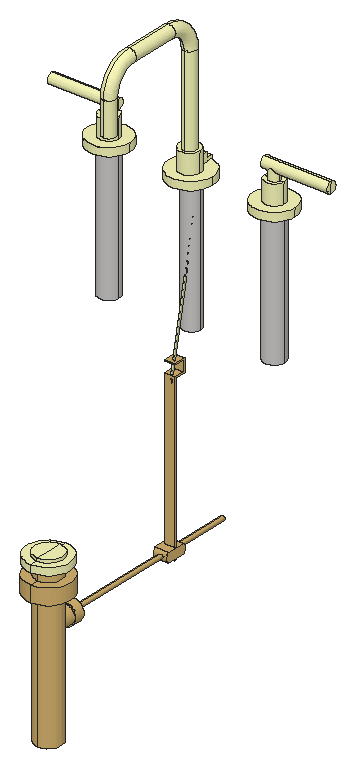
Revit family "Faucet-Symmons-Dia-Lavatory-Two_Handle-Widespread_Pop_Up_Drain", category Plumbing Fixtures, Revit 2015
Parameters (values of type "2.2 GPM Flow Restrictor, Satin Nickel")
  z Visibility [instance] = if(z Error, 1 = 0, 1 = 1)  # yes
  z Type GPM = 2.2
  z Type Flow Restrictor = 0
  z Type Finish = 4
  z Overall Width [instance] = z Control Components Placement + 2.500"  # 10.500"
  z Overall Height [instance] = 7.250"  # constant formula
  z Overall Depth [instance] = 6.375"  # constant formula
  z Offset [instance] = 0.000"  # constant formula
  z Middle Pipe Radius [instance] = 0.438"  # constant formula
  z Has Pop up Drain [instance] = 1 = 1  # yes
  z GPM Number = if(z Type GPM = 2.2, 2.2, if(z Type GPM = 1.5, 1.5, 0))  # 2.2
  z GPM GPM = 1.000 GPM
  z Flow Rater Restrictor Selection [instance] = "No Selection"
  z Error Type [instance] = 0
  z Error Box Width [instance] = if(z Error, 12.000", 0.100")  # 0.100"
  z Error Box Height [instance] = if(z Error, 12.000", 0.100")  # 0.100"
  z Error Box Depth [instance] = if(z Error, 12.000", 0.100")  # 0.100"
  z Error [instance] = if(z Error Type > 1, 1 = 1, 1 = 0)  # no
  z Drain Mounting Length Desired [instance] = 8.65039"
  z Drain Mounting Length Actual Min [instance] = 1.510" + 2.336"  # 3.846"
  z Drain Mounting Length Actual Max [instance] = 1.510" + 2.336" + 9.000"  # 12.846"
  z Drain Mounting Length Actual [instance] = if(z Drain Mounting Length Desired < z Drain Mounting Length Actual Min, z Drain Mounting Length Actual Min, if(z Drain Mounting Length Desired > z Drain Mounting Length Actual Max, z Drain Mounting Length Actual Max, z Drain Mounting Length Desired))  # 8.65039"
  z Drain Mounting Depth Hole Desired Length [instance] = 15.63803"
  z Drain Mounting Depth Hole Desired Integer [instance] = ((15.638" - z Drain Mounting Depth Hole Desired Length) + 0.730") / 0.730"  # 1
  z Drain Mounting Depth Hole Actual Length [instance] = 15.638" - ((z Drain Mounting Depth Hole Actual Integer - 1) * 0.730")  # 15.638"
  z Drain Mounting Depth Hole Actual Integer [instance] = if(z Drain Mounting Depth Hole Desired Integer < 1, 1, if(z Drain Mounting Depth Hole Desired Integer > 5, 5, z Drain Mounting Depth Hole Desired Integer))  # 1
  z Cut Out Hole Size [instance] = Actual Hole Size / 2  # 0.625"
  z Control Components Placement [instance] = Actual Component Width  # 8.000"
  z Component Width Desired [instance] = 4.000"
  z Component Pipe Radius [instance] = 0.500"  # constant formula
  z Compnonent Width Actual [instance] = Actual Component Width / 2  # 4.000"
  z 1.0 Flow Rate Restrictor [instance] = 1 = 0  # no
  z 0.5 Flow Rate Restrictor [instance] = 1 = 0  # no
  URL = "http://www.symmons.com/"
  Product data url = "https://bimobject.com/symmonsindustries/product/symmons-slw-3512"
  Product Page URL = "http://www.symmons.com/Bathroom-Products/Dia/Symmons-Dia-Two-Handle-Widespread-Lavatory-Faucet-SLW-3512.aspx"
  Product Material = Nickel - Symmons - Satin
  Product Documentation Link = "http://www.symmons.com/~/media/Files/Symmons/Products/Dia/SLW3512_ZV1142.pdf"
  Part Number [instance] = Model  # "SLW-3512-STN"
  Part Description [instance] = Description  # "Two Handle Widespread Lavatory Faucet With Pop-Up Drain, 2.2 Flow Rate Restrictor, Satin Nickel"
  Model Disclaimer = "Contact Symmons Industries, Inc. For More Information"  # constant formula
  Model = if(and(z Type Finish = 1, z Type Flow Restrictor = 1), "SLW-3512-1.5", if(and(z Type Finish = 2, z Type Flow Restrictor = 1), "SLW-3512-STN-1.5", if(and(z Type Finish = 3, z Type Flow Restrictor = 0), "SLW-3512", if(and(z Type Finish = 4, z Type Flow Restrictor = 0), "SLW-3512-STN", "Not Available"))))  # "SLW-3512-STN"
  Manufacturer = "Symmons Industries, Inc."  # constant formula
  Gallons Per Minute = z GPM GPM * z GPM Number  # 2.200 GPM
  Family Version = "1.0"  # constant formula
  Equipment Number [instance] = ""
  Equipment Abbreviation = "TWLF"
  Desired Component Width [instance] = z Component Width Desired * 2  # 8.000"
  Desired Hole Size [instance] = 1.250"
  Description = if(and(z Type Finish = 1, z Type Flow Restrictor = 1), "Two Handle Widespread Lavatory Faucet With Pop-Up Drain, 1.5 Flow Rate Restrictor, Chrome", if(and(z Type Finish = 2, z Type Flow Restrictor = 1), "Two Handle Widespread Lavatory Faucet With Pop-Up Drain, 1.5 Flow Rate Restrictor, Satin Nickel", if(and(z Type Finish = 3, z Type Flow Restrictor = 0), "Two Handle Widespread Lavatory Faucet With Pop-Up Drain, 2.2 Flow Rate Restrictor, Chrome", if(and(z Type Finish = 4, z Type Flow Restrictor = 0), "Two Handle Widespread Lavatory Faucet With Pop-Up Drain, 2.2 Flow Rate Restrictor, Satin Nickel", "Not Available"))))  # "Two Handle Widespread Lavatory Faucet With Pop-Up Drain, 2.2 Flow Rate Restrictor, Satin Nickel"
  Date Modified = "January 30, 2015"  # constant formula
  Date Created = "January 30, 2015"  # constant formula
  Copyright = "©2015 Symmons Industries, Inc."  # constant formula
  Actual Component Width [instance] = if(Desired Component Width > 16.000", 16.000", if(Desired Component Width < 8.000", 8.000", Desired Component Width))  # 8.000"
  Actual Hole Size [instance] = if(Desired Hole Size > 1.375", 1.375", if(Desired Hole Size < 1.250", 1.250", Desired Hole Size))  # 1.250"
Types (4): name | z Type GPM | z Type Flow Restrictor | z Type Finish | z GPM Number | Product Page URL | Product Material | Part Number | Part Description | Model | Gallons Per Minute | Description
  1.5 Flow Rate Restrictor, Chrome | 1.5 | 1 | 1 | 1.5 | "http://www.symmons.com/Bathroom-Products/Dia/Symmons-Dia-Two-Handle-Widespread-Lavatory-Faucet-SLW-3512.aspx" | Chrome - Symmons - Polished | "SLW-3512-1.5" | "Two Handle Widespread Lavatory Faucet With Pop-Up Drain, 1.5 Flow Rate Restrictor, Chrome" | "SLW-3512-1.5" | 1.500 GPM | "Two Handle Widespread Lavatory Faucet With Pop-Up Drain, 1.5 Flow Rate Restrictor, Chrome"
  1.5 Flow Rate Restrictor, Satin Nickel | 1.5 | 1 | 2 | 1.5 | "http://www.symmons.com/Bathroom-Products/Dia/Symmons-Dia-Two-Handle-Lavatory-Faucet-Widespread-SLW-3512.aspx" | Nickel - Symmons - Satin | "SLW-3512-STN-1.5" | "Two Handle Widespread Lavatory Faucet With Pop-Up Drain, 1.5 Flow Rate Restrictor, Satin Nickel" | "SLW-3512-STN-1.5" | 1.500 GPM | "Two Handle Widespread Lavatory Faucet With Pop-Up Drain, 1.5 Flow Rate Restrictor, Satin Nickel"
  2.2 GPM Flow Restrictor, Chrome | 2.2 | 0 | 3 | 2.2 | "http://www.symmons.com/Bathroom-Products/Dia/Symmons-Dia-Two-Handle-Widespread-Lavatory-Faucet-SLW-3512.aspx" | Chrome - Symmons - Polished | "SLW-3512" | "Two Handle Widespread Lavatory Faucet With Pop-Up Drain, 2.2 Flow Rate Restrictor, Chrome" | "SLW-3512" | 2.200 GPM | "Two Handle Widespread Lavatory Faucet With Pop-Up Drain, 2.2 Flow Rate Restrictor, Chrome"
  2.2 GPM Flow Restrictor, Satin Nickel | 2.2 | 0 | 4 | 2.2 | "http://www.symmons.com/Bathroom-Products/Dia/Symmons-Dia-Two-Handle-Widespread-Lavatory-Faucet-SLW-3512.aspx" | Nickel - Symmons - Satin | "SLW-3512-STN" | "Two Handle Widespread Lavatory Faucet With Pop-Up Drain, 2.2 Flow Rate Restrictor, Satin Nickel" | "SLW-3512-STN" | 2.200 GPM | "Two Handle Widespread Lavatory Faucet With Pop-Up Drain, 2.2 Flow Rate Restrictor, Satin Nickel"
Reference planes (in)
  plane 1 "Center (Front/Back)": y = 0
  plane 2 "Center (Elevation)": z = 0
  plane 3 "Center (Left/Right)": x = 0
  plane 4: x = -6.75
  plane 5: x = 6.75
  plane 6 "Back": y = 1
  plane 7 "Front": y = -5.375
  plane 8 "Top": z = 7.25
  plane 9: z = 0
  plane 10 "Left": x = -4
  plane 11 "Right": x = 4
  plane 12: x = -1.0625
  plane 13: x = 1.0625
  plane 14: y = -1.125
  plane 15: z = 0.375
  plane 16: x = 5
  plane 17: x = 3
  plane 18: x = -5
  plane 19: x = -3
  plane 20: y = -1
  plane 21: y = 0
  plane 22: y = 0.25
  plane 23: y = -0.25
  plane 24: z = -6.5
  plane 25: x = 0.1875
  plane 26: x = -0.1875
  plane 27: z = -0.1997
  plane 28: z = 1.30174
  plane 29: y = 0.05
  plane 30: x = -0.05
  plane 31: x = 0.05
  plane 32: y = -0.05
  plane 33: z = 0.1
  plane 34 "Front": y = -4.37489
  plane 35: z = -18.44003
  plane 36: y = -8.65039
  plane 37: z = -15.638
  plane 38: y = -1.33577
  plane 39: y = -1.26577
  plane 40: y = -0.81577
  plane 41: y = -0.74577
  plane 42: z = -15.97188
  plane 43: y = -7.14039
  plane 44: y = -7.61039
  plane 45: z = -16.078
  plane 46: z = -16.138
  plane 47: z = -15.738
  plane 48: z = -15.198
  plane 49: z = -15.538
  plane 50: z = -15.138
  plane 51: y = -9.72039
  plane 52: y = -9.27539
  plane 53: y = -8.02539
  plane 54: y = -7.58039
  plane 55: y = -9.70039
  plane 56: y = -7.60039
  plane 57: y = -9.33039
  plane 58: y = -7.97039
  plane 59: z = -20.638
  plane 60: z = -12.918
  plane 61: z = -13.448
  plane 62: z = -14.198
  plane 63: z = -12.568
  plane 64: z = -12.448
  plane 65: y = -1.56465
  plane 66: y = -1.1269
  plane 67: z = -15.873
  plane 68: z = -15.403
Forms (in)
  Extrusion 1, solid, material "Nickel - Symmons - Satin" <- "Product Material", visible <- "z Visibility"
    sketch origin (0, 0, 0) x (1, 0, 0) y (0, 1, 0)
      loop
        circle (0, -0.0625) r 1.0625
    from 0 to 0.375
  Extrusion 2, solid, material "Nickel - Symmons - Satin" <- "Product Material", visible <- "z Visibility"
    sketch origin (0, 0, 0) x (1, 0, 0) y (0, 1, 0)
      loop
        circle (-4, 0) r 1
      loop
        circle (4, 0) r 1
    from 0 to 0.375
  Extrusion 3, void
    sketch origin (0, 0, 0) x (1, 0, 0) y (0, 1, 0)
      loop
        circle (-4, 0) r 0.625
      loop
        circle (4, 0) r 0.625
    from -6.5 to 0
  Extrusion 4, void
    sketch origin (0, 0, 0) x (1, 0, 0) y (0, 1, 0)
      loop
        circle (0, 0) r 0.4375
    from -6.5 to 0
  Extrusion 5, solid, material "Nickel - Symmons - Satin" <- "Product Material", visible <- "z Visibility"
    sketch origin (0, 0, 0) x (0, 1, 0) y (0, 0, 1)
      loop
        line (0.5, 0.375) -> (0.66392, 0.375) -> (0.66392, 0.42951) -> (1, 0.42951) -> (1, 0.5567) -> (0.66392, 0.5567) -> (0.66392, 0.8067) -> (0.5, 0.8067) -> (0.5, 0.5567) -> (0.35391, 0.5567) -> (0.35391, 0.42951) -> (0.5, 0.42951) -> (0.5, 0.375)
    from -0.1875 to 0.1875
  Extrusion 6, solid, material "Nickel - Symmons - Satin" <- "Product Material", visible <- "z Visibility"
    sketch origin (0, 0, 0) x (1, 0, 0) y (0, 1, 0)
      loop
        circle (-4, 0) r 0.525
      loop
        circle (4, 0) r 0.525
    from -0.1997 to 0
  Extrusion 7, solid, material "Stainless Steel - Symmons - Brushed", visible <- "z Visibility"
    sketch origin (0, 0, 0) x (1, 0, 0) y (0, 1, 0)
      loop
        circle (-4, 0) r 0.5
      loop
        circle (4, 0) r 0.5
      loop
        circle (0, 0) r 0.4375
    from -6.5 to 0
  Sweep 8, solid, material "Nickel - Symmons - Satin" <- "Product Material", visible <- "z Visibility"
    path origin (0, 0, 0) x (0, 1, 0) y (0, 0, 1)
      loop
        line (-5, 4) -> (-5, 5.625)
        arc (-5, 5.625) -> (-4.63388, 6.50888) -> (-3.75, 6.875) r 1.25
        line (-3.75, 6.875) -> (-1.375, 6.875)
        arc (-1.375, 6.875) -> (-0.49112, 6.50888) -> (-0.125, 5.625) r 1.25
        line (-0.125, 5.625) -> (-0.125, 0.375)
    profile origin (0, -0.125, 3) x (0, -1, 0) y (1, 0, 0)
      loop
        circle (0, 0) r 0.3125
  Revolve 9, solid, material "Nickel - Symmons - Satin" <- "Product Material", visible <- "z Visibility"
    sketch origin (52.34067, 0, 120) x (1, 0, 0) y (0, 0, 1)
      loop
        line (-48.80657, -118.125) -> (-45.59067, -118.125) -> (-45.59067, -117.875) -> (-48.80657, -117.875) -> (-48.80657, -118.125)
      axis (-45.59067, -118.125) -> (-48.80657, -118.125)
    angle from 0 to 360
  Revolve 10, solid, material "Nickel - Symmons - Satin" <- "Product Material", visible <- "z Visibility"
    sketch origin (52.34067, 0, 120) x (1, 0, 0) y (0, 0, 1)
      loop
        line (-48.34067, -119.625) -> (-48.34067, -118.125) -> (-48.59067, -118.125) -> (-48.59067, -118.69826) -> (-48.80657, -118.69826) -> (-48.80657, -119.625) -> (-48.34067, -119.625)
      axis (-48.34067, -118.125) -> (-48.34067, -119.625)
    angle from 0 to 360
  Revolve 11, solid, material "Nickel - Symmons - Satin" <- "Product Material", visible <- "z Visibility"
    sketch origin (52.34067, 0, 120) x (1, 0, 0) y (0, 0, 1)
      loop
        line (-55.87477, -118.125) -> (-55.87477, -117.875) -> (-59.09067, -117.875) -> (-59.09067, -118.125) -> (-55.87477, -118.125)
      axis (-59.09067, -118.125) -> (-55.87477, -118.125)
    angle from 0 to 360
  Revolve 12, solid, material "Nickel - Symmons - Satin" <- "Product Material", visible <- "z Visibility"
    sketch origin (52.34067, 0, 120) x (1, 0, 0) y (0, 0, 1)
      loop
        line (-56.34067, -119.625) -> (-55.87477, -119.625) -> (-55.87477, -118.69826) -> (-56.09067, -118.69826) -> (-56.09067, -118.125) -> (-56.34067, -118.125) -> (-56.34067, -119.625)
      axis (-56.34067, -118.125) -> (-56.34067, -119.625)
    angle from 0 to 360
  Extrusion 13, solid, material "Nickel - Symmons - Satin" <- "Product Material", visible <- "z Visibility"
    sketch origin (0, 0, 0) x (1, 0, 0) y (0, 1, 0)
      loop
        circle (0, -0.125) r 0.5
    from 0.375 to 1.30174
  Extrusion 14, solid, material "Error Box", visible <- "z Error"
    sketch origin (0, 0, 0) x (1, 0, 0) y (0, 1, 0)
      loop
        line (-0.05, 0.05) -> (-0.05, -0.05) -> (0.05, -0.05) -> (0.05, 0.05) -> (-0.05, 0.05)
    from 0 to 0.1
  Revolve 15, solid, material "Brass - Symmons"
    sketch origin (0, 60.00061, 119.99997) x (0, 1, 0) y (0, 0, 1)
      loop
        line (-68.026, -140.63797) -> (-68.026, -134.19797) -> (-67.581, -134.19797) -> (-67.581, -133.44797) -> (-68.026, -133.44797) -> (-68.026, -132.91797) -> (-68.651, -132.91797) -> (-68.651, -140.63797) -> (-68.026, -140.63797)
      axis (-68.651, -140.63797) -> (-68.651, -132.91797)
    angle from 0 to 360
  Revolve 16, solid, material "Brass - Symmons"
    sketch origin (0, 60.00061, 119.99997) x (0, 1, 0) y (0, 0, 1)
      loop
        line (-68.651, -135.63797) -> (-68.651, -136.07797) -> (-67.611, -136.07797) -> (-67.611, -136.13797) -> (-67.141, -136.13797) -> (-67.141, -135.73797) -> (-58.141, -135.73797) -> (-58.141, -135.63797) -> (-68.651, -135.63797)
      axis (-58.141, -135.63797) -> (-68.651, -135.63797)
    angle from 0 to 360
  Extrusion 17, solid, material "Brass - Symmons"
    sketch origin (0, 0.00061, -0.00003) x (0, 1, 0) y (0, 0, 1)
      loop
        arc (-1.79138, -15.40297) -> (-1.89138, -15.63797) -> (-1.79138, -15.87297) r 0.32613
        line (-1.79138, -15.87297) -> (-0.90138, -15.87297)
        arc (-0.90138, -15.87297) -> (-0.80138, -15.63797) -> (-0.90138, -15.40297) r 0.32613
        line (-0.90138, -15.40297) -> (-1.79138, -15.40297)
    from -0.325 to 0.325
  Extrusion 18, solid, material "Brass - Symmons"
    sketch origin (0, 0.00061, -0.00003) x (0, 1, 0) y (0, 0, 1)
      loop
        line (-1.33638, -15.97184) -> (-1.26638, -15.97184) -> (-1.26638, -8.09184) -> (-0.74638, -8.09184) -> (-0.74638, -7.45184) -> (-1.33638, -7.45184) -> (-1.33638, -7.52184) -> (-0.81638, -7.52184) -> (-0.81638, -8.02184) -> (-1.33638, -8.02184) -> (-1.33638, -15.97184)
    from -0.25 to 0.25
  Revolve 19, solid, material "Nickel - Symmons - Satin" <- "Product Material", visible <- "z Has Pop up Drain"
    sketch origin (0, 0.5596, 5.32459) x (0, -0.201914, -0.979403) y (0, 0.979403, -0.201914)
      loop
        line (13.79809, 0.93752) -> (13.79809, 0.9794) -> (4.85177, 0.9794) -> (4.8604, 0.93752) -> (13.79809, 0.93752)
      axis (13.79809, 0.9794) -> (4.85177, 0.9794)
    angle from 0 to 360
  Extrusion 20, void
    sketch origin (0, 0.00061, -0.00003) x (1, 0, 0) y (0, 1, 0)
      loop
        spline (0.325, -1.89138) -> (0.15677, -1.87281) -> (0, -1.81836) -> (-0.13462, -1.73175) -> (-0.23792, -1.61888) -> (-0.30285, -1.48743) -> (-0.325, -1.34638) -> (-0.30285, -1.20532) -> (-0.23792, -1.07388) -> (-0.13462, -0.96101) -> (0, -0.87439) -> (0.15677, -0.81995) -> (0.325, -0.80138)
        line (0.325, -0.80138) -> (-0.425, -0.80138) -> (-0.425, -1.89138) -> (0.325, -1.89138)
      loop
        line (0.325, -1.79138) -> (0.325, -0.90138)
        spline (0.325, -0.90138) -> (0.17869, -0.91755) -> (0.04361, -0.96443) -> (-0.07037, -1.03763) -> (-0.1555, -1.13059) -> (-0.20761, -1.23573) -> (-0.225, -1.34638) -> (-0.20761, -1.45703) -> (-0.1555, -1.56217) -> (-0.07037, -1.65512) -> (0.04361, -1.72833) -> (0.17869, -1.77521) -> (0.325, -1.79138)
    from -15.87297 to -15.40297
  Revolve 21, solid, material "Nickel - Symmons - Satin" <- "Product Material"
    sketch origin (0, 60.00061, 119.99997) x (0, 1, 0) y (0, 0, 1)
      loop
        line (-68.651, -132.91797) -> (-67.601, -132.91797) -> (-67.601, -132.56797) -> (-67.971, -132.56797) -> (-67.971, -132.44797) -> (-68.651, -132.44797) -> (-68.651, -132.91797)
      axis (-68.651, -132.91797) -> (-68.651, -132.44797)
    angle from 0 to 360
Cuts and joins
  joined: Extrusion 1, Extrusion 2, Extrusion 5
  joined: Revolve 9, Revolve 10
  joined: Revolve 11, Revolve 12
  joined: Sweep 8, Extrusion 13
Lines and regions (in)
  Masking region 1
    outline origin (0, -58.69644, 7.25) x (0, -1, 0) y (1, 0, 0)
      loop
        line (-58.94644, -6.75) -> (-58.44644, -6.75) -> (-58.44644, -3.75) -> (-58.94644, -3.75) -> (-58.94644, -6.75)
      loop
        line (-58.94644, 3.75) -> (-58.44644, 3.75) -> (-58.44644, 6.75) -> (-58.94644, 6.75) -> (-58.94644, 3.75)
      loop
        line (-58.60724, -0.34747) -> (-53.73394, -0.34747)
        arc (-53.73394, -0.34747) -> (-53.39474, -0.00827) -> (-53.73394, 0.33092) r 0.3392
        line (-53.73394, 0.33092) -> (-58.60724, 0.33092)
        arc (-58.60724, 0.33092) -> (-58.94644, -0.00827) -> (-58.60724, -0.34747) r 0.3392
  Masking region 2
    outline origin (0, -58.69644, 0.375) x (0, -1, 0) y (1, 0, 0)
      loop
        circle (-58.69644, -4) r 1
      loop
        circle (-58.69644, 4) r 1
      loop
        circle (-58.63394, 0) r 1.0625
  Masking region 3
    outline origin (0, 0, 0) x (1, 0, 0) y (0, 1, 0)
      loop
        circle (0, -8.65039) r 1.0625
  reference lines
    curve 1: line (0, -14.65039, -15.63803) -> (0, -3.65039, -15.63803)
    curve 2: line (0, -8.65039, -7.44803) -> (0, -8.65039, -19.44803)
    curve 3: line (4, 13, 0) -> (4, -13, 0)
    curve 4: line (-4, 13, 0) -> (-4, -13, 0)
Dimensions and locks (in)
  "z Overall Depth": plane 7 "Front" to plane 6 "Back"
  "z Overall Height": plane 8 "Top" to plane 9
  locked: plane 4 to plane 10 "Left" at 2.75
  equal spacing: plane 12, plane 3 "Center (Left/Right)", plane 13
  locked: plane 12 to plane 13 at 2.125
  locked: plane 14 to plane 6 "Back" at 2.125
  locked: plane 15 to plane 9 at 0.375
  equal spacing: plane 18, plane 10 "Left", plane 19
  equal spacing: plane 17, plane 11 "Right", plane 16
  locked: plane 18 to plane 19 at 2
  locked: plane 17 to plane 16 at 2
  locked: plane 20 to plane 6 "Back" at 2
  equal spacing: plane 20, plane 21, plane 6 "Back"
  locked: plane 23 to plane 22 at 0.5
  locked: plane 9 to plane 24 at 6.5
  "z Offset": plane 9 to plane 2 "Center (Elevation)"
  equal spacing: plane 26, plane 3 "Center (Left/Right)", plane 25
  locked: plane 26 to plane 25 at 0.375
  plane 15 to plane 9 = 0.375"
  locked: plane 9 to plane 27 at 0.1997
  locked: Masking region 1 sketch curve to plane 5 at 3
  locked: plane 4 to Masking region 1 sketch curve at 3
  locked: Revolve 9 sketch curve to Revolve 9 sketch curve at 0.25
  locked: plane 11 "Right" to Revolve 9 sketch curve at 0.4659
  Revolve 10 sketch curve to Revolve 10 sketch curve to plane 15 = 0.57326" locked, 0.92674" locked
  Revolve 10 sketch curve to Revolve 10 sketch curve to plane 11 "Right" = 0.2159" locked, 0.250" locked
  locked: Revolve 11 sketch curve to Revolve 11 sketch curve at 0.25
  locked: plane 23 to Extrusion 13 sketch curve at 0.125
  locked: plane 28 to plane 15 at 0.92674
  locked: Revolve 12 sketch curve to plane 28 at 0.57326
  Revolve 12 sketch curve to Revolve 12 sketch curve to plane 10 "Left" = 0.2159" locked, 0.250" locked
  locked: plane 10 "Left" to Revolve 11 sketch curve at 0.4659
  equal spacing: plane 29, plane 1 "Center (Front/Back)", plane 32
  "z Error Box Depth": plane 29 to plane 32
  equal spacing: plane 30, plane 3 "Center (Left/Right)", plane 31
  "z Error Box Width": plane 30 to plane 31
  "z Error Box Height": plane 33 to plane 9
  locked: plane 1 "Center (Front/Back)" to plane 6 "Back" at 1
  locked: Sweep 8 sketch curve to plane 21 at 0.125
  locked: plane 21 to plane 22 at 0.25
  plane 65 to plane 38 to plane 39 to plane 66 to plane 40 to plane 41 = 0.22888" locked, 0.070" locked, 0.13887" locked, 0.31113" locked, 0.070" locked
  plane 51 to plane 55 to plane 57 to plane 52 to plane 36 to plane 53 to plane 58 to plane 44 to plane 56 to plane 54 to plane 43 = 0.020" locked, 0.370" locked, 0.055" locked, 0.625" locked, 0.625" locked, 0.055" locked, 0.360" locked, 0.010" locked, 0.020" locked, 0.440" locked
  plane 64 to plane 63 to plane 60 to plane 61 to plane 62 to plane 50 to plane 48 to plane 68 to plane 49 to plane 37 to plane 47 to plane 67 to plane 45 to plane 46 to plane 59 = 0.120" locked, 0.350" locked, 0.530" locked, 0.750" locked, 0.940" locked, 0.060" locked, 0.205" locked, 0.135" locked, 0.100" locked, 0.100" locked, 0.135" locked, 0.205" locked, 0.060" locked, 4.500" locked
  "z Drain Mounting Depth Hole Actual Length": plane 9 to plane 37
  "z Drain Mounting Depth Hole Desired Length": plane 9 to curve 1
  locked: plane 6 "Back" to Revolve 16 sketch curve at 0.85961
  Extrusion 20 sketch curve to plane 20 to Extrusion 20 sketch curve = 0.19923" locked, 0.89077" locked
  Extrusion 20 sketch curve to Extrusion 20 sketch curve to Extrusion 20 sketch curve to Extrusion 20 sketch curve to plane 3 "Center (Left/Right)" = 0.000" locked, 0.000" locked, 0.000" locked, 0.325" locked
  Extrusion 18 sketch curve to Extrusion 18 sketch curve to Extrusion 18 sketch curve to Extrusion 18 sketch curve to plane 24 = 0.070" locked, 0.500" locked, 0.070" locked, 0.95188" locked
  "z Drain Mounting Length Actual": plane 36 to plane 21
  "z Drain Mounting Length Desired": curve 2 to plane 21
  Extrusion 5 sketch curve to Extrusion 5 sketch curve to Extrusion 5 sketch curve to Extrusion 5 sketch curve to Extrusion 5 sketch curve to plane 15 = 0.250" locked, 0.000" locked, 0.12718" locked, 0.000" locked, 0.05451" locked
  plane 21 to Extrusion 5 sketch curve to Extrusion 5 sketch curve to Extrusion 5 sketch curve to Extrusion 5 sketch curve to Extrusion 5 sketch curve to Extrusion 5 sketch curve = 0.35391" locked, 0.14609" locked, 0.000" locked, 0.16392" locked, 0.000" locked, 0.33608" locked
  locked: Revolve 19 sketch curve to cut or joined group of Revolve 9, Revolve 10 at 0.71521
  locked: plane 65 to plane 21 at 1.56465
  Revolve 19 sketch curve to Revolve 19 sketch curve to plane 33 = 0.04189" locked, 0.18582" locked
  Revolve 19 sketch curve to Revolve 19 sketch curve to Revolve 19 sketch curve = 8.93768" locked, 0.00864" locked
  locked: Sweep 8 sketch curve to plane 22 at 0.375
  locked: Sweep 8 sketch curve to plane 8 "Top" at 0.375
  locked: Sweep 8 sketch curve to plane 21 at 5
  Sweep 8 sketch curve to Sweep 8 sketch curve to plane 22 = 2.375" locked, 1.625" locked
  locked: plane 8 "Top" to Sweep 8 sketch curve at 1.625
  "z Component Width Desired": plane 3 "Center (Left/Right)" to curve 3
  "z Component Width Desired": curve 4 to plane 3 "Center (Left/Right)"
  equal spacing: plane 10 "Left", plane 3 "Center (Left/Right)", plane 11 "Right"
  "Actual Component Width": plane 10 "Left" to plane 11 "Right"
  locked: plane 11 "Right" to plane 5 at 2.75
  equal spacing: curve 3, plane 21, curve 3
  equal spacing: curve 4, plane 21, curve 4
  locked: plane 10 "Left" to Extrusion 2 sketch curve at 1
  locked: plane 11 "Right" to Extrusion 2 sketch curve at 1
  locked: plane 3 "Center (Left/Right)" to Extrusion 1 sketch curve at 1.0625
  locked: Extrusion 1 sketch curve to plane 21 at 0.0625
  "z Cut Out Hole Size": radius of Extrusion 3 sketch curve  (x2)
  aligned and locked: plane 2 "Center (Elevation)" to level
  aligned and locked: Extrusion 1 to plane 9
  aligned and locked: plane 15 to Extrusion 1
  aligned and locked: Extrusion 2 to plane 9
  aligned and locked: plane 15 to Extrusion 2
  aligned and locked: plane 21 to Extrusion 3 sketch curve  (x2)
  aligned and locked: plane 11 "Right" to Extrusion 3 sketch curve
  aligned and locked: plane 10 "Left" to Extrusion 3 sketch curve
  aligned and locked: plane 9 to Extrusion 3
  aligned and locked: Extrusion 3 to plane 24
  aligned and locked: plane 21 to Extrusion 4 sketch curve
  aligned and locked: plane 3 "Center (Left/Right)" to Extrusion 4 sketch curve
  aligned and locked: Extrusion 4 to plane 24
  aligned and locked: plane 9 to Extrusion 4
  aligned and locked: Extrusion 5 to plane 26
  aligned and locked: plane 25 to Extrusion 5
  aligned and locked: plane 21 to Extrusion 6 sketch curve  (x2)
  aligned and locked: plane 10 "Left" to Extrusion 6 sketch curve
  aligned and locked: plane 11 "Right" to Extrusion 6 sketch curve
  aligned and locked: plane 21 to Extrusion 7 sketch curve  (x3)
  aligned and locked: plane 10 "Left" to Extrusion 7 sketch curve
  aligned and locked: plane 11 "Right" to Extrusion 7 sketch curve
  aligned and locked: plane 3 "Center (Left/Right)" to Extrusion 7 sketch curve
  aligned and locked: Extrusion 3 to Extrusion 7
  aligned and locked: plane 2 "Center (Elevation)" to Extrusion 7
  aligned and locked: plane 9 to Extrusion 6
  aligned and locked: Extrusion 6 to plane 27
  aligned and locked: plane 22 to Masking region 1 sketch curve  (x2)
  aligned and locked: Masking region 1 sketch curve to plane 5
  aligned and locked: Masking region 1 sketch curve to plane 23  (x2)
  aligned and locked: Revolve 9 sketch curve to plane 5
  aligned and locked: Revolve 10 sketch curve to plane 11 "Right"
  aligned and locked: Revolve 10 sketch curve to plane 15
  aligned and locked: plane 11 "Right" to Revolve 10 sketch curve
  aligned and locked: plane 3 "Center (Left/Right)" to Extrusion 13 sketch curve
  aligned and locked: Extrusion 13 to plane 15
  aligned and locked: plane 28 to Extrusion 13
  aligned and locked: plane 15 to Revolve 12 sketch curve
  aligned and locked: Revolve 12 sketch curve to plane 28
  aligned and locked: plane 10 "Left" to Revolve 12 sketch curve
  aligned and locked: Revolve 11 sketch curve to plane 4
  aligned and locked: Extrusion 14 sketch curve to plane 29
  aligned and locked: plane 30 to Extrusion 14 sketch curve
  aligned and locked: plane 32 to Extrusion 14 sketch curve
  aligned and locked: Extrusion 14 sketch curve to plane 31
  aligned and locked: plane 33 to Extrusion 14
  aligned and locked: Extrusion 14 to plane 9
  aligned and locked: Revolve 16 sketch curve to plane 36
  aligned and locked: plane 37 to Revolve 16 sketch curve
  aligned and locked: Revolve 16 sketch curve to plane 37
  aligned and locked: plane 43 to Revolve 16 sketch curve
  aligned and locked: Revolve 16 sketch curve to plane 44
  aligned and locked: plane 46 to Revolve 16 sketch curve
  aligned and locked: plane 45 to Revolve 16 sketch curve
  aligned and locked: plane 53 to Revolve 15 sketch curve  (x2)
  aligned and locked: Revolve 15 sketch curve to plane 54
  aligned and locked: plane 37 to Extrusion 17 sketch curve  (x2)
  aligned and locked: plane 65 to Extrusion 17 sketch curve
  aligned and locked: plane 66 to Extrusion 17 sketch curve
  aligned and locked: plane 67 to Extrusion 17 sketch curve
  aligned and locked: Extrusion 17 sketch curve to plane 68
  aligned and locked: Extrusion 18 sketch curve to plane 42
  aligned and locked: Extrusion 18 sketch curve to plane 38  (x2)
  aligned and locked: Extrusion 18 sketch curve to plane 39
  aligned and locked: Extrusion 18 sketch curve to plane 40
  aligned and locked: Extrusion 18 sketch curve to plane 41
  aligned and locked: Extrusion 20 to plane 67
  aligned and locked: plane 68 to Extrusion 20
  aligned and locked: Revolve 21 sketch curve to plane 60
  aligned and locked: plane 63 to Revolve 21 sketch curve
  aligned and locked: plane 64 to Revolve 21 sketch curve
  aligned and locked: Revolve 21 sketch curve to plane 36  (x2)
  aligned and locked: Revolve 21 sketch curve to plane 56
  aligned and locked: Revolve 21 sketch curve to plane 58
  aligned and locked: Revolve 15 sketch curve to plane 62
  aligned and locked: plane 61 to Revolve 15 sketch curve
  aligned and locked: plane 60 to Revolve 15 sketch curve
  aligned and locked: plane 59 to Revolve 15 sketch curve
  aligned and locked: Revolve 19 sketch curve to plane 15
  aligned and locked: Extrusion 5 sketch curve to plane 15
  aligned and locked: plane 10 "Left" to Masking region 2 sketch curve
  aligned and locked: plane 21 to Masking region 2 sketch curve  (x2)
  aligned and locked: plane 11 "Right" to Masking region 2 sketch curve
  aligned and locked: plane 3 "Center (Left/Right)" to Masking region 2 sketch curve
  aligned and locked: plane 10 "Left" to Extrusion 2 sketch curve
  aligned and locked: plane 21 to Extrusion 2 sketch curve  (x2)
  aligned and locked: plane 11 "Right" to Extrusion 2 sketch curve
  aligned and locked: plane 3 "Center (Left/Right)" to Extrusion 1 sketch curve
Automatic sketch dimensions
  plane 51 to curve 1 = 4.930"
  curve 2 to plane 35 = 1.008"
  Revolve 15 sketch curve to plane 36 = 0.000"  (x2)
  Revolve 15 sketch curve to plane 64 = 0.000"
  plane 8 "Top" to Revolve 15 sketch curve = 40.30312"
  Revolve 16 sketch curve to plane 36 = 0.000"
  Revolve 16 sketch curve to plane 47 = 0.000"
  plane 51 to Revolve 16 sketch curve = 58.930"
  plane 65 to Extrusion 17 sketch curve = 0.22613"
  plane 40 to Extrusion 17 sketch curve = 0.085"
  Revolve 21 sketch curve to plane 64 = 0.000"
  plane 8 "Top" to Revolve 21 sketch curve = 40.30312"
  curve 1 to plane 34 "Front" = 0.7245"
  curve 2 to plane 24 = 0.94803"
  Masking region 3 sketch curve to plane 3 "Center (Left/Right)" = 0.000"
  plane 36 to Masking region 3 sketch curve = 0.000"
  Sweep 8 sketch curve to plane 15 = 0.000"
  Sweep 8 sketch curve to Sweep 8 sketch curve = 1.625"
  Sweep 8 sketch curve to plane 3 "Center (Left/Right)" = 0.000"
  Revolve 9 sketch curve to plane 17 = 0.750"
  plane 28 to Revolve 9 sketch curve = 0.57326"  (x2)
  plane 5 to Revolve 9 sketch curve = 3.000"
  Revolve 10 sketch curve to plane 27 = 1.24974"
  Revolve 10 sketch curve to Revolve 10 sketch curve = 0.500"
  plane 28 to Revolve 11 sketch curve = 0.57326"  (x2)
  Revolve 11 sketch curve to plane 4 = 3.000"
  plane 19 to Revolve 11 sketch curve = 0.750"
  Revolve 12 sketch curve to plane 10 "Left" = 0.000"
  Revolve 12 sketch curve to plane 27 = 1.24974"
  Revolve 12 sketch curve to Revolve 12 sketch curve = 0.500"
  Revolve 19 sketch curve to Revolve 19 sketch curve = 15.91918"
  Revolve 19 sketch curve to Revolve 19 sketch curve = 2.68189"
  Extrusion 20 sketch curve to plane 26 = 0.2375"
  Extrusion 20 sketch curve to Extrusion 20 sketch curve = 0.100"
  plane 40 to Extrusion 20 sketch curve = 0.085"
  plane 51 to curve 3 = 3.27961"
  plane 51 to curve 4 = 3.27961"
  plane 1 "Center (Front/Back)" to Masking region 2 sketch curve = 0.0625"
  Masking region 1 sketch curve to plane 4 = 0.000"
  plane 1 "Center (Front/Back)" to Masking region 1 sketch curve = 0.0892"
  Masking region 1 sketch curve to plane 26 = 0.15997"
  Masking region 1 sketch curve to plane 7 "Front" = 0.4125"
  Masking region 1 sketch curve to plane 3 "Center (Left/Right)" = 0.00827"
  radius of Extrusion 4 sketch curve = 0.4375"
  radius of Extrusion 6 sketch curve = 0.525"  (x2)
  radius of Extrusion 7 sketch curve = 0.500"  (x2)
  radius of Extrusion 7 sketch curve = 0.4375"
  radius of Extrusion 13 sketch curve = 0.500"
  radius of Masking region 3 sketch curve = 1.0625"
  radius of Sweep 8 sketch curve = 0.3125"
  radius of Masking region 2 sketch curve = 1.000"  (x2)
  radius of Masking region 2 sketch curve = 1.0625"
Connectors (in)
  piping at (-4, 0, -6.5), diameter 1, driven by "z Component Pipe Radius", driven by "Gallons Per Minute"
    settings: on Extrusion 7, index 1, connector inside diameter 1", connector length 0.000", flow factor 0, pipe flow 2.200 GPM, pressure drop 0.00 psi, fitting loss kfactor 0, connector angle 0.000°, fixture units 0, engagement length 0.000", angle of deflection 0.000°, flow configuration 0, flow direction 0, fitting loss method 0, system type 19, joint type 0, gender type 0, connector reference index -1, connector utility 0, adjustable connector no, is connector primary yes, connector description "Hot"
  piping at (4, 0, -6.5), diameter 1, driven by "z Component Pipe Radius", driven by "Gallons Per Minute"
    settings: on Extrusion 7, index 2, connector inside diameter 1", connector length 0.000", flow factor 0, pipe flow 2.200 GPM, pressure drop 0.00 psi, fitting loss kfactor 0, connector angle 0.000°, fixture units 0, engagement length 0.000", angle of deflection 0.000°, flow configuration 0, flow direction 0, fitting loss method 0, system type 20, joint type 0, gender type 0, connector reference index -1, connector utility 0, adjustable connector no, is connector primary no, connector description "Cold"
